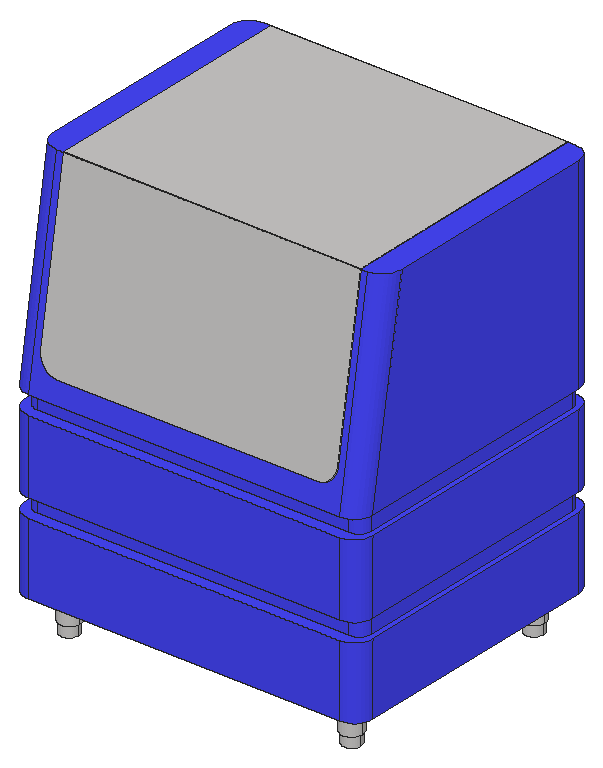
Revit family "QF_Brema_BIN240PE", category Specialty Equipment, Revit 2012
Parameters (values of type "BIN240PE")
  Width = 942 mm
  Weight = "61 kg"
  Watts = 0 W
  Volts = 0 V
  URL Cutsheet = ""
  URL = "www.bremaice.it"
  Status [instance] = ""
  Specification by User [instance] = ""
  Specification by Manufacturer [instance] = ""
  Show Logo [instance] = yes
  Show Clearance [instance] = yes
  Serial Number = ""
  Seismic Rating = ""
  SMACNA No = ""
  Revision Code [instance] = ""
  Refrigerant Volume [instance] = 0.00 kN
  Refrigerant Type = "R404A"
  Plumbing Remarks [instance] = ""
  Plumbing Connection Type [instance] = ""
  Phase = 0
  Number of Poles [instance] = 1
  NAFEM Spec ID Number = ""
  Model = "BIN240PE"
  Min Ckt Ampacity = 0 A
  Max Overcurrent Protection = 0 A
  Manufacturer = "BREMA"
  Item Number [instance] = ""
  Installed By [instance] = ""
  Indirect Waste Size = 1"
  Indirect Waste Radius = Indirect Waste Size / 2  # 1/2"
  Indirect Waste Flow [instance] = 0 m³/h
  Indirect Waste Connection Type [instance] = ""
  Indirect Waste Connection Height = 0 mm
  Identify Quantity as Lot [instance] = no
  Height = 1053 mm
  HP = ""
  Furnished By [instance] = ""
  Foodservice Equipment Identifier [instance] = yes
  FL Amps = 0 A
  Electrical Remarks [instance] = ""
  Electric Connection Type [instance] = ""
  Elec Conn RI Height [instance] = 0 mm
  Elec Conn Connection Height = 0 mm
  Description = "ICE STORAGE BIN"
  Depth = 795 mm
  Daily Production [instance] = "0,0 kg/24h T=21°C:15°C"
  Cycle = 0 Hz
  Conn Plug = ""
  Conn Conduit = yes
  Cold Water Temperature Recommended [instance] = 0 °C
  Cold Water Size Radius = Cold Water Size / 2  # 3/8"
  Cold Water Size = 3/4"
  Cold Water RI Height [instance] = 0 mm
  Cold Water Minimum Pressure = 0.0 bar
  Cold Water Maximum Pressure = 0.0 bar
  Cold Water Flow [instance] = 0 m³/h
  Cold Water Consumption [instance] = "0 l/kg"
  Cold Water Connection Height = 0 mm
  CSI MasterFormat = ""
  BTUH = 0 W
  Assembly Code = "E1090320"
  Apparent Power = 0 VA
Reference planes
  plane 1 "BACK": y = 0
  plane 2: z = 0
  plane 3 "LEFT": x = 0
  plane 4 "RIGHT": x = 942
  plane 5 "FRONT": y = -795
  plane 6 "TOP": z = 1153
Forms (mm)
  Extrusion 1, solid, visible <- "Show Clearance", detail levels coarse
    sketch origin (0, 0, 0) x (1, 0, 0) y (0, 1, 0)
      loop
        line (0, 50) -> (0, 0) -> (942, 0) -> (942, 50) -> (0, 50)
    from 0 to 1153
  Extrusion 2, solid
    sketch origin (585, -193.5, 105) x (-1, 0, 0) y (0, -1, 0)
      loop
        circle (305, -26.5) r 12.7
    from 0 to -20
  Extrusion 3, solid
    sketch origin (-1500, 1000, 105) x (-1, 0, 0) y (0, -1, 0)
      loop
        arc (-1550, 1000) -> (-1514.645, 1014.645) -> (-1500, 1050) r 50
        line (-1500, 1050) -> (-1500, 1745)
        arc (-1500, 1745) -> (-1514.645, 1780.355) -> (-1550, 1795) r 50
        line (-1550, 1795) -> (-2392, 1795)
        arc (-2392, 1795) -> (-2427.355, 1780.355) -> (-2442, 1745) r 50
        line (-2442, 1745) -> (-2442, 1050)
        arc (-2442, 1050) -> (-2427.355, 1014.645) -> (-2392, 1000) r 50
        line (-2392, 1000) -> (-1550, 1000)
    from 0 to 195
  Extrusion 4, solid
    sketch origin (-1500, 1000, 355) x (-1, 0, 0) y (0, -1, 0)
      loop
        arc (-1550, 1000) -> (-1514.645, 1014.645) -> (-1500, 1050) r 50
        line (-1500, 1050) -> (-1500, 1745)
        arc (-1500, 1745) -> (-1514.645, 1780.355) -> (-1550, 1795) r 50
        line (-1550, 1795) -> (-2392, 1795)
        arc (-2392, 1795) -> (-2427.355, 1780.355) -> (-2442, 1745) r 50
        line (-2442, 1745) -> (-2442, 1050)
        arc (-2442, 1050) -> (-2427.355, 1014.645) -> (-2392, 1000) r 50
        line (-2392, 1000) -> (-1550, 1000)
    from -5 to 195
  Extrusion 5, solid
    sketch origin (-1500, 1000, 515) x (-1, 0, 0) y (0, -1, 0)
      loop
        arc (-1535, 1030) -> (-1520.858, 1035.858) -> (-1515, 1050) r 20
        line (-1515, 1050) -> (-1515, 1730)
        arc (-1515, 1730) -> (-1525.251, 1754.749) -> (-1550, 1765) r 35
        line (-1550, 1765) -> (-2392, 1765)
        arc (-2392, 1765) -> (-2416.749, 1754.749) -> (-2427, 1730) r 35
        line (-2427, 1730) -> (-2427, 1050)
        arc (-2427, 1050) -> (-2421.142, 1035.858) -> (-2407, 1030) r 20
        line (-2407, 1030) -> (-1535, 1030)
    from 35 to 85
  Extrusion 6, solid
    sketch origin (-1500, 1000, 265) x (-1, 0, 0) y (0, -1, 0)
      loop
        arc (-1535, 1030) -> (-1520.858, 1035.858) -> (-1515, 1050) r 20
        line (-1515, 1050) -> (-1515, 1730)
        arc (-1515, 1730) -> (-1525.251, 1754.749) -> (-1550, 1765) r 35
        line (-1550, 1765) -> (-2392, 1765)
        arc (-2392, 1765) -> (-2416.749, 1754.749) -> (-2427, 1730) r 35
        line (-2427, 1730) -> (-2427, 1050)
        arc (-2427, 1050) -> (-2421.142, 1035.858) -> (-2407, 1030) r 20
        line (-2407, 1030) -> (-1535, 1030)
    from 35 to 85
  Blend 7, solid
    base sketch origin (-1500, 0, 600) x (-1, 0, 0) y (0, -1, 0)
      loop
        arc (-1550, 0) -> (-1514.645, 14.645) -> (-1500, 50) r 50
        line (-1500, 50) -> (-1500, 745)
        arc (-1500, 745) -> (-1514.645, 780.355) -> (-1550, 795) r 50
        line (-1550, 795) -> (-2392, 795)
        arc (-2392, 795) -> (-2427.355, 780.355) -> (-2442, 745) r 50
        line (-2442, 745) -> (-2442, 50)
        arc (-2442, 50) -> (-2427.355, 14.645) -> (-2392, 0) r 50
        line (-2392, 0) -> (-1550, 0)
    top sketch origin (-1500, 0, 600) x (-1, 0, 0) y (0, -1, 0)
      loop
        arc (-1550, 0) -> (-1514.645, 14.645) -> (-1500, 50) r 50
        line (-1500, 50) -> (-1500, 649.46)
        arc (-1500, 649.46) -> (-1514.645, 684.815) -> (-1550, 699.46) r 50
        line (-1550, 699.46) -> (-2392, 699.46)
        arc (-2392, 699.46) -> (-2427.355, 684.815) -> (-2442, 649.46) r 50
        line (-2442, 649.46) -> (-2442, 50)
        arc (-2442, 50) -> (-2427.355, 14.645) -> (-2392, 0) r 50
        line (-2392, 0) -> (-1550, 0)
    from 0 to 553
  Extrusion 8, solid
    sketch origin (-1500, -852.751, 111.356) x (1, 0, 0) y (0, 0.171929, 0.985109)
      loop
        line (1570, 1053) -> (1570, 600)
        arc (1570, 600) -> (1584.645, 564.645) -> (1620, 550) r 50
        line (1620, 550) -> (2322, 550)
        arc (2322, 550) -> (2357.355, 564.645) -> (2372, 600) r 50
        line (2372, 600) -> (2372, 1053) -> (1570, 1053)
    from 1 to 29
  Extrusion 9, solid
    sketch origin (50, 0, 100) x (0, 1, 0) y (0, 0, 1)
      loop
        line (-700.278, 1053.662) -> (-677.091, 1023.662) -> (0, 1023.662) -> (0, 1053.662) -> (-700.278, 1053.662)
    from 20 to 822
  Extrusion 10, solid
    sketch origin (119, -165, 0) x (-1, 0, 0) y (0, -1, 0)
      loop
        circle (30, -76) r 25
    from 0 to 30
  Extrusion 11, solid
    sketch origin (-271, 331, 110) x (-1, 0, 0) y (0, -1, 0)
      loop
        circle (-360, 420) r 29
    from -80 to -5
  Extrusion 12, solid
    sketch origin (823, -165, 0) x (1, 0, 0) y (0, 1, 0)
      loop
        circle (30, 76) r 25
    from 0 to 30
  Extrusion 13, solid
    sketch origin (1213, 331, 110) x (1, 0, 0) y (0, 1, 0)
      loop
        circle (-360, -420) r 29
    from -80 to -5
  Extrusion 14, solid
    sketch origin (119, -630, 0) x (-1, 0, 0) y (0, -1, 0)
      loop
        circle (30, 76) r 25
    from 0 to 30
  Extrusion 15, solid
    sketch origin (-271, -1126, 110) x (-1, 0, 0) y (0, -1, 0)
      loop
        circle (-360, -420) r 29
    from -80 to -5
  Extrusion 16, solid
    sketch origin (823, -630, 0) x (1, 0, 0) y (0, 1, 0)
      loop
        circle (30, -76) r 25
    from 0 to 30
  Extrusion 17, solid
    sketch origin (1213, -1126, 110) x (1, 0, 0) y (0, 1, 0)
      loop
        circle (-360, 420) r 29
    from -80 to -5
Lines and regions (mm)
  symbolic lines, style "QF_Clearances", visible <- "Show Clearance", detail levels coarse
    curve 1: line (0, 50, 0) -> (942, 50, 0)
  symbolic lines, style "200-EquipInternal-2D"
    curve 2: line (70, 0, 5) -> (70, -778.162, 5)
    curve 3: arc (70, -778.162, 5) -> (72.542, -780.854, 5) -> (75.941, -782.322, 5) r 9.175
    curve 4: arc (75.941, -782.322, 5) -> (82.346, -783.902, 5) -> (88.851, -785, 5) r 88.592
    curve 5: arc (88.851, -785, 5) -> (104.393, -786.453, 5) -> (120, -786.759, 5) r 212.025
    curve 6: line (120, -786.759, 5) -> (822, -786.759, 5)
    curve 7: line (872, 0, 5) -> (872, -778.162, 5)
    curve 8: arc (872, -778.162, 5) -> (869.458, -780.854, 5) -> (866.059, -782.322, 5) r 9.175
    curve 9: arc (866.059, -782.322, 5) -> (859.654, -783.902, 5) -> (853.149, -785, 5) r 88.592
    curve 10: arc (853.149, -785, 5) -> (837.607, -786.453, 5) -> (822, -786.759, 5) r 212.025
    curve 11: line (70, -699.46, 5) -> (872, -699.46, 5)
    curve 12: arc (0, -649.46, 5) -> (14.645, -684.815, 5) -> (50, -699.46, 5) r 50
    curve 13: line (50, -699.46, 5) -> (70, -699.46, 5)
    curve 14: arc (942, -649.46, 5) -> (927.355, -684.815, 5) -> (892, -699.46, 5) r 50
    curve 15: line (892, -699.46, 5) -> (872, -699.46, 5)
  symbolic lines, style "200-EquipBorder-2D"
    curve 16: line (0, -50, 5) -> (0, -745, 5)
    curve 17: arc (0, -745, 5) -> (14.645, -780.355, 5) -> (50, -795, 5) r 50
    curve 18: line (50, -795, 5) -> (892, -795, 5)
    curve 19: arc (892, -795, 5) -> (927.355, -780.355, 5) -> (942, -745, 5) r 50
    curve 20: line (942, -745, 5) -> (942, -50, 5)
    curve 21: arc (942, -50, 5) -> (927.355, -14.645, 5) -> (892, 0, 5) r 50
    curve 22: line (892, 0, 5) -> (50, 0, 5)
    curve 23: arc (50, 0, 5) -> (14.645, -14.645, 5) -> (0, -50, 5) r 50
Dimensions and locks
  plane 4 "RIGHT" to plane 3 "LEFT" = 942 mm
  plane 5 "FRONT" to plane 1 "BACK" = 795 mm
  plane 6 "TOP" to plane 2 = 1153 mm  (x2)
  aligned and locked: level to plane 2
  aligned and locked: plane 4 "RIGHT" to Extrusion 1
  aligned and locked: plane 6 "TOP" to Extrusion 1
  aligned and locked: plane 4 "RIGHT" to curve 1
Connectors
  piping at (280, -167, 85), driven by "Indirect Waste Flow", driven by "Indirect Waste Radius"
    settings: on Extrusion 2, index 6, connector radius 1/2", flow factor 0, pipe flow 0 m³/h, pressure drop 0.0 bar, fitting loss kfactor 0, connector angle 0.00°, fixture units 0, engagement length 0 mm, flow configuration 1, flow direction 2, fitting loss method 0, system type 16, joint type 0, gender type 0, connector reference index -1, connector utility 0, adjustable connector no, is connector primary yes, fitting loss table "", connector description "Water drain"
